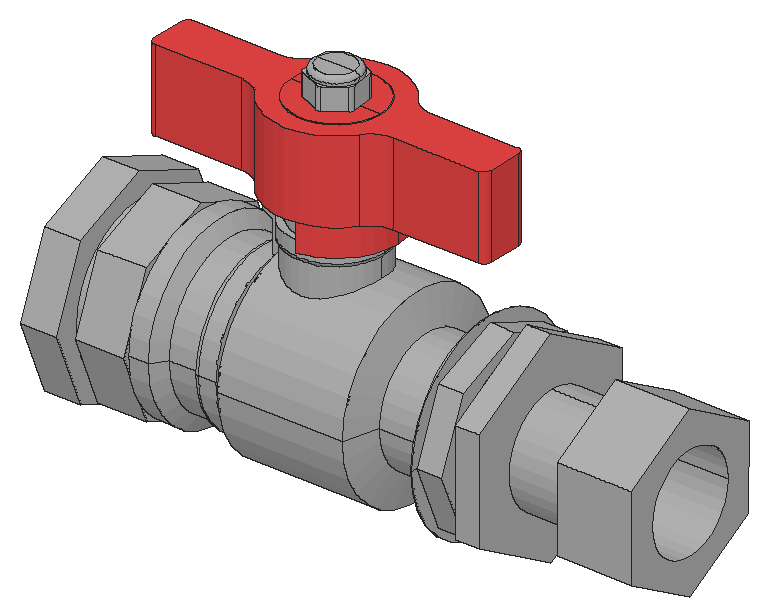
Revit family "QS25090000", category Apparecchi idraulici, Revit 2016
Family settings
  Tipo di parte = Normale
  Quota connettore circolare = Usa diametro
  Numero OmniClass = 23.45.00.00
  Titolo OmniClass = Sanitary, Laundry, and Cleaning Equipment
  Basato su piano di lavoro = No
  Sempre verticale = Sì
  Taglio con vuoti quando caricato = No
  Condiviso = No
  Punto di calcolo locali = No
Parameters
  URL = "https://web.cimberio.it/index.php/figura/523?subcategoria_id=43550"
  Produttore = "CIMBERIO SPA"
  Modello = "Cim 494"
  DN Model [instance] = QS25093138 : QS25093138
  DN [instance] = 20 mm  # constant formula
Reference planes
  plane 1 "Centro (Fronte/Retro)": y = 0
  plane 2: z = 0
  plane 3 "Centro (Sinistra/Destra)": x = 0
Dimensions and locks
  aligned and locked: level to plane 2
Nested families
  nested 1: "QS25093138" at (0, 0, 0), type <- "DN Model", type "QS25093138"
  nested 2: "QS25093138" at (0, 0, 0), type <- "DN Model", type "QS25093138"
Connectors
  piping at (73.4, 0, 0), diameter 20, driven by "DN"
    settings: on nested 1, index 1, connector inside diameter 609.6 mm, connector length 0 mm, flow factor 0, pipe flow 0.0 L/s, pressure drop 0.0 Pa, fitting loss kfactor 0, connector angle 0.00°, fixture units 0, engagement length 0 mm, angle of deflection 0.00°, flow configuration 0, flow direction 0, fitting loss method 0, system type 7, joint type 0, gender type 0, connector reference index -1, connector utility 0, adjustable connector no, is connector primary yes, connector description ""
  piping at (-48.357, 0, 0), diameter 20, driven by "DN"
    settings: on nested 1, index 2, connector inside diameter 609.6 mm, connector length 0 mm, flow factor 0, pipe flow 0.0 L/s, pressure drop 0.0 Pa, fitting loss kfactor 0, connector angle 0.00°, fixture units 0, engagement length 0 mm, angle of deflection 0.00°, flow configuration 0, flow direction 0, fitting loss method 0, system type 7, joint type 0, gender type 0, connector reference index -1, connector utility 0, adjustable connector no, is connector primary no, connector description ""
Definition of nested family "QS25093138"
  Parameters (values of type "QS25093138")
    Model = "QD40403139"
    DN [instance] = "3/4\""
  Reference planes
    plane 1 "Centro (Fronte/Retro)": y = 0
    plane 2: z = 0
    plane 3 "Centro (Sinistra/Destra)": x = 0
  Forms (mm)
    Revolve 1, solid
      sketch origin (0, 0, 0) x (1, 0, 0) y (0, 0, 1)
        loop
          line (0.063, 27.3) -> (0.063, 11.623) -> (9.5, 11.623) -> (9.5, 23.5)
          arc (9.5, 23.5) -> (9.863, 23.794) -> (10, 24.242) r 0.8
          line (10, 24.242) -> (10, 27.3) -> (0.063, 27.3)
        axis (0.063, 11.623) -> (0.063, 27.3)
      angle from 0 to 360
    Revolve 2, solid
      sketch origin (0, 0, 0) x (1, 0, 0) y (0, 0, 1)
        loop
          line (0, 30.531) -> (-6.985, 30.531) -> (-6.985, 27.3) -> (0, 27.3) -> (0, 30.531)
        axis (0, 30.531) -> (0, 27.3)
      angle from 0 to 360
    Revolve 3, solid
      sketch origin (0, 0, 4.063) x (1, 0, 0) y (0, 0, 1)
        loop
          line (0, 45.8) -> (-9.25, 45.8) -> (-12.882, 42.168) -> (-12.882, 22.875) -> (-7.25, 22.875) -> (-7.25, 38.318) -> (0, 38.318) -> (0, 45.8)
        axis (0, 45.8) -> (0, 22.875)
      angle from 0 to 360
    Revolve 4, solid
      sketch origin (0, 0, 4) x (1, 0, 0) y (0, 0, 1)
        loop
          line (0, 51.8) -> (0, 50.016) -> (4.75, 50.016) -> (4.75, 50.8)
          arc (4.75, 50.8) -> (4.457, 51.507) -> (3.75, 51.8) r 1
          line (3.75, 51.8) -> (0, 51.8)
        axis (0, 51.8) -> (0, 50.016)
      angle from 0 to 360
    Extrusion 5, solid
      sketch origin (0, 0, 32.55) x (0.939034, -0.343825, 0) y (0.343825, 0.939034, 0)
        loop
          line (5.501, 0.127) -> (3.472, 4.287)
          arc (3.472, 4.287) -> (3.145, 4.663) -> (2.674, 4.825) r 0.962
          line (2.674, 4.825) -> (-1.937, 5.147)
          arc (-1.937, 5.147) -> (-2.461, 5.045) -> (-2.864, 4.695) r 1.032
          line (-2.864, 4.695) -> (-5.424, 0.899)
          arc (-5.424, 0.899) -> (-5.599, 0.392) -> (-5.496, -0.136) r 1.038
          line (-5.496, -0.136) -> (-3.479, -4.272)
          arc (-3.479, -4.272) -> (-3.142, -4.659) -> (-2.657, -4.826) r 0.991
          line (-2.657, -4.826) -> (1.958, -5.149)
          arc (1.958, -5.149) -> (2.463, -5.05) -> (2.852, -4.713) r 0.994
          line (2.852, -4.713) -> (5.429, -0.891)
          arc (5.429, -0.891) -> (5.601, -0.392) -> (5.501, 0.127) r 1.021
      from 17.25 to 21.75
    Extrusion 6, void
      sketch origin (0, 0, 32.613) x (1, 0, 0) y (0, 1, 0)
        loop
          line (-8.367, 1.5) -> (-14.411, 1.5)
          arc (-14.411, 1.5) -> (-10.156, -10.334) -> (1.75, -14.383) r 14.489
          line (1.75, -14.383) -> (1.75, -8.318)
          arc (1.75, -8.318) -> (-5.92, -6.1) -> (-8.367, 1.5) r 8.5
      from -6.445 to 0.25
    Revolve 7, solid
      sketch origin (0, 0, 0) x (1, 0, 0) y (0, 0, 1)
        loop
          line (58.237, 11.1) -> (44.567, 11.1) -> (44.567, 10) -> (58.237, 10) -> (58.237, 11.1)
        axis (44.567, 0) -> (58.237, 0)
      angle from 0 to 360
    Extrusion 8, solid
      sketch origin (10, 0, 0) x (0, 1, 0) y (0, 0, 1)
        loop
          circle (0, 0) r 10
        loop
          line (0, 17.4) -> (-15.069, 8.7) -> (-15.069, -8.7) -> (0, -17.4) -> (15.069, -8.7) -> (15.069, 8.7) -> (0, 17.4)
      from 47.9 to 63.4
    Extrusion 9, solid
      sketch origin (0, 0, 0) x (1, 0, 0) y (0, 0, 1)
        loop
          line (-14, 31.3) -> (-14, 24.655) -> (-12, 23.5) -> (-12, 10.345) -> (-7.86, 10.345) -> (-7.86, 31.3) -> (-14, 31.3)
      from -1.5 to 1.5
    Revolve 10, solid
      sketch origin (0, 0, 0) x (1, 0, 0) y (0, 1, 0)
        loop
          line (-28, 10) -> (31.792, 10) -> (31.792, 20.15)
          arc (31.792, 20.15) -> (31.383, 19.93) -> (31.232, 19.491) r 0.636
          line (31.232, 19.491) -> (29.358, 12.5) -> (18.777, 12.5) -> (16.901, 19.5) -> (-9, 19.5) -> (-11.5, 17) -> (-15, 17)
          arc (-15, 17) -> (-15.707, 16.707) -> (-16, 16) r 1
          line (-16, 16) -> (-22, 16) -> (-23.732, 19) -> (-28, 19) -> (-28, 10)
        axis (-28, 0) -> (31.792, 0)
      angle from 0 to 360
    Extrusion 11, solid
      sketch origin (-11, 0, 0) x (0, 0, 1) y (0, 1, 0)
        loop
          circle (0, 0) r 10
        loop
          line (20.15, 0) -> (14.248, 14.248) -> (0, 20.15) -> (-14.248, 14.248) -> (-20.15, 0) -> (-14.248, -14.248) -> (0, -20.15) -> (14.248, -14.248) -> (20.15, 0)
      from 17 to 27
    Revolve 12, solid
      sketch origin (0, 0, 0) x (1, 0, 0) y (0, 0, 1)
        loop
          line (-40.857, 16.5) -> (-40.857, 10) -> (-38, 10) -> (-38, 16.5) -> (-40.857, 16.5)
        axis (-40.857, 0) -> (-38, 0)
      angle from 0 to 360
    Extrusion 13, solid
      sketch origin (-11, 0, 0) x (0, 0, 1) y (0, 1, 0)
        loop
          circle (0, 0) r 10
        loop
          line (21.5, 0) -> (15.203, 15.203) -> (0, 21.5) -> (-15.203, 15.203) -> (-21.5, 0) -> (-15.203, -15.203) -> (0, -21.5) -> (15.203, -15.203) -> (21.5, 0)
      from 29.857 to 37.357
    Extrusion 14, solid
      sketch origin (0, 0, 28.55) x (1, 0, 0) y (0, 1, 0)
        loop
          line (-15.798, 5) -> (-33.5, 5)
          arc (-33.5, 5) -> (-34.561, 4.561) -> (-35, 3.5) r 1.5
          line (-35, 3.5) -> (-35, -3.5)
          arc (-35, -3.5) -> (-34.561, -4.561) -> (-33.5, -5) r 1.5
          line (-33.5, -5) -> (-15.798, -5)
          arc (-15.798, -5) -> (-13.02, -5.682) -> (-10.874, -7.571) r 6
          arc (-10.874, -7.571) -> (0, -13.25) -> (10.874, -7.571) r 13.25
          arc (10.874, -7.571) -> (13.02, -5.682) -> (15.798, -5) r 6
          line (15.798, -5) -> (33.5, -5)
          arc (33.5, -5) -> (34.561, -4.561) -> (35, -3.5) r 1.5
          line (35, -3.5) -> (35, 3.5)
          arc (35, 3.5) -> (34.561, 4.561) -> (33.5, 5) r 1.5
          line (33.5, 5) -> (15.798, 5)
          arc (15.798, 5) -> (13.02, 5.682) -> (10.874, 7.571) r 6
          arc (10.874, 7.571) -> (0, 13.25) -> (-10.874, 7.571) r 13.25
          arc (-10.874, 7.571) -> (-13.02, 5.682) -> (-15.798, 5) r 6
      from 4.25 to 21.25
    Extrusion 15, solid
      sketch origin (0, 0, 0) x (0, 1, 0) y (0, 0, 1)
        loop
          circle (0, 0) r 10
        loop
          line (0, 18.95) -> (-13.4, 13.4) -> (-18.95, 0) -> (-13.4, -13.4) -> (0, -18.95) -> (13.4, -13.4) -> (18.95, 0) -> (13.4, 13.4) -> (0, 18.95)
      from 31.792 to 37.1
    Revolve 16, solid
      sketch origin (0, 0, 0) x (1, 0, 0) y (0, 0, 1)
        loop
          line (39.6, 16.5) -> (38.1, 16.5) -> (38.1, 13.125) -> (37.1, 13.125) -> (37.1, 10) -> (39.6, 10) -> (39.6, 16.5)
        axis (37.1, 0) -> (39.6, 0)
      angle from 0 to 360
    Extrusion 17, solid
      sketch origin (0, 0, 0) x (0, 1, 0) y (0, 0, 1)
        loop
          circle (0, 0) r 10
        loop
          line (0, 21.25) -> (-18.403, 10.625) -> (-18.403, -10.625) -> (0, -21.25) -> (18.403, -10.625) -> (18.403, 10.625) -> (0, 21.25)
      from 39.6 to 44.567
  Cuts and joins
    Extrusion 6 cuts Revolve 3
  Dimensions and locks
    aligned and locked: level to plane 2
